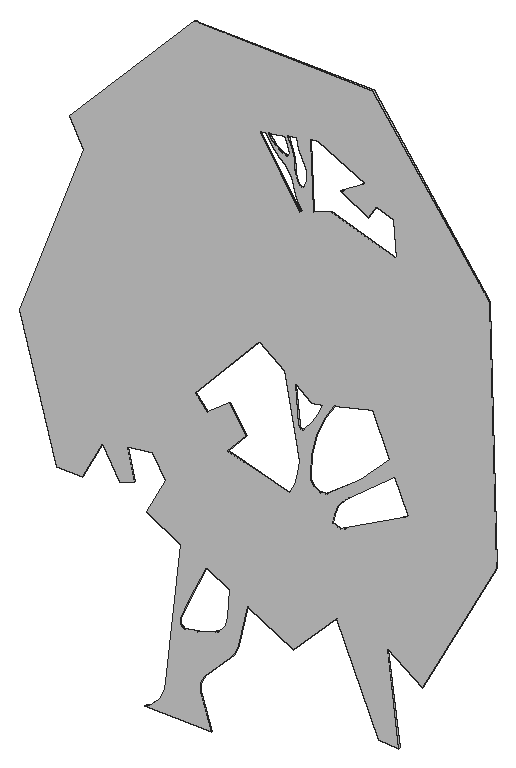
Revit family "Flat Tree 01", category Planting, Revit 2015
Parameters
  Height = 0 mm
  Flat Material [instance] = none
Reference planes
  plane 1 "Center (Front/Back)": y = 0
  plane 2: z = 0
  plane 3 "Center (Left/Right)": x = 0
Forms (mm)
  Extrusion 1, solid, material <- "Flat Material"
    sketch origin (0, 0, 0) x (1, 0, 0) y (0, 0, 1)
      loop
        line (5768.382, 9170.521) -> (3557.75, 12000) -> (169.148, 12000) -> (-2210.479, 9535.824) -> (-1947.362, 9061.149) -> (-3157.885, 5907.628) -> (-2463.122, 3484.703) -> (-1971.395, 3484.703) -> (-1588.82, 4174.886) -> (-1261.661, 3651.322) -> (-979.822, 3737.489) -> (-1116.937, 4287.427) -> (-628.886, 4356.019) -> (-383.272, 3962.954) -> (-747.844, 3305.248) -> (-94.569, 2986.624)
        arc (-94.569, 2986.624) -> (-266.785, 1766.626) -> (-388.388, 540.548) r 29779.593
        arc (-388.388, 540.548) -> (-507.184, 215.927) -> (-777.124, 0) r 641.847
        line (-777.124, 0) -> (485.983, 0) -> (294.545, 555.979)
        arc (294.545, 555.979) -> (284.735, 743.155) -> (375.605, 907.088) r 340
        line (375.605, 907.088) -> (852.441, 1383.924)
        arc (852.441, 1383.924) -> (940.595, 1499.853) -> (994.563, 1635.124) r 540
        line (994.563, 1635.124) -> (1176.911, 2366.482) -> (2050.618, 1940.346) -> (2867.521, 2757.249) -> (3662.334, 972.07) -> (4051.317, 972.07) -> (3825.487, 2578.939) -> (4499.48, 2157.781) -> (5898.656, 4681.961) -> (5768.382, 9170.521)
      loop
        line (385.972, 2752.249) -> (52.81, 2069.165)
        arc (52.81, 2069.165) -> (-28.202, 1892.624) -> (-100.805, 1712.462) r 4121.158
        arc (-100.805, 1712.462) -> (-86.833, 1616.797) -> (1.575, 1577.666) r 100
        arc (1.575, 1577.666) -> (291.289, 1630.201) -> (566.598, 1734.601) r 1610.583
        arc (566.598, 1734.601) -> (722.769, 1865.393) -> (799.691, 2054.017) r 422.967
        arc (799.691, 2054.017) -> (825.363, 2293.456) -> (833.159, 2534.141) r 3236.254
        line (833.159, 2534.141) -> (385.972, 2752.249)
      loop
        line (3975.519, 5567.053) -> (3097.02, 4905.056)
        arc (3097.02, 4905.056) -> (2884.672, 4665.991) -> (2781.42, 4363.363) r 809.771
        line (2781.42, 4363.363) -> (2945.374, 4319.432) -> (4227.75, 4972.835) -> (3975.519, 5567.053)
      loop
        line (3555.502, 6556.553) -> (2834.961, 6376.902)
        arc (2834.961, 6376.902) -> (2477.139, 5741.241) -> (2365.67, 5020.356) r 2041.221
        arc (2365.67, 5020.356) -> (2479.093, 4833.623) -> (2697.552, 4836.745) r 220
        arc (2697.552, 4836.745) -> (3323.425, 5281.579) -> (3866.115, 5824.794) r 4576.342
        line (3866.115, 5824.794) -> (3555.502, 6556.553)
      loop
        line (2431.339, 9536.024) -> (2772.676, 9660.26) -> (4006.854, 9282.934) -> (3949.357, 9940.132) -> (3616.41, 10041.924) -> (3474.82, 9796.684) -> (2931.486, 10073.526) -> (3416.046, 10353.287) -> (2504.616, 10778.294) -> (2367.759, 10749.204)
        arc (2367.759, 10749.204) -> (2418.566, 10143.61) -> (2431.339, 9536.024) r 9696.948
      loop
        line (2098.919, 10692.06) -> (1942.415, 10658.794)
        arc (1942.415, 10658.794) -> (2038.223, 10404.416) -> (2073.053, 10134.835) r 1175.697
        arc (2073.053, 10134.835) -> (2096.938, 10010.637) -> (2162.475, 9902.469) r 358.403
        arc (2162.475, 9902.469) -> (2218.026, 9883.057) -> (2263.453, 9920.463) r 60
        arc (2263.453, 9920.463) -> (2294.013, 10142.016) -> (2222.046, 10353.771) r 485.657
        arc (2222.046, 10353.771) -> (2142.581, 10516.4) -> (2098.919, 10692.06) r 859.904
      loop
        arc (1570.719, 10579.788) -> (1714.758, 10413.395) -> (1911.024, 10313.83) r 571.054
        arc (1911.024, 10313.83) -> (1947.442, 10321.53) -> (1961.748, 10355.894) r 40
        arc (1961.748, 10355.894) -> (1935.329, 10504.49) -> (1883.726, 10646.32) r 873.497
        line (1883.726, 10646.32) -> (1570.719, 10579.788)
      loop
        line (1509.324, 10566.738) -> (1420.149, 10547.783) -> (2167.389, 9439.954) -> (2222.172, 9459.893)
        arc (2222.172, 9459.893) -> (2108.005, 9642.855) -> (2041.233, 9847.917) r 889.367
        arc (2041.233, 9847.917) -> (1952.881, 10065.209) -> (1789.242, 10233.269) r 611.661
        arc (1789.242, 10233.269) -> (1626.916, 10381.229) -> (1509.324, 10566.738) r 826.007
      loop
        line (1396.388, 6960.31) -> (183.058, 5659.174) -> (415.372, 5426.86) -> (834.354, 5720.234) -> (1150.157, 5269.221) -> (800.418, 4894.171) -> (1964.689, 4582.206)
        arc (1964.689, 4582.206) -> (2132.164, 4972.62) -> (2130.231, 5397.434) r 1043.993
        line (2130.231, 5397.434) -> (1868.262, 6629.9) -> (1396.388, 6960.31)
      loop
        line (2081.075, 6480.887) -> (2151.386, 5811.926)
        arc (2151.386, 5811.926) -> (2190.893, 5761.688) -> (2253.279, 5775.568) r 60
        arc (2253.279, 5775.568) -> (2457.706, 6028.036) -> (2602.358, 6318.907) r 1485.321
        line (2602.358, 6318.907) -> (2388.541, 6265.597) -> (2081.075, 6480.887)
    from -2.5 to 2.5
Lines and regions (mm)
  symbolic lines
    curve 1: circle (1370.365, 0, 0) r 4528.25 normal (0, 0, 1)
    curve 2: circle (1370.365, 0, 0) r 500 normal (0, 0, 1)
Dimensions and locks
  aligned and locked: level to plane 2
